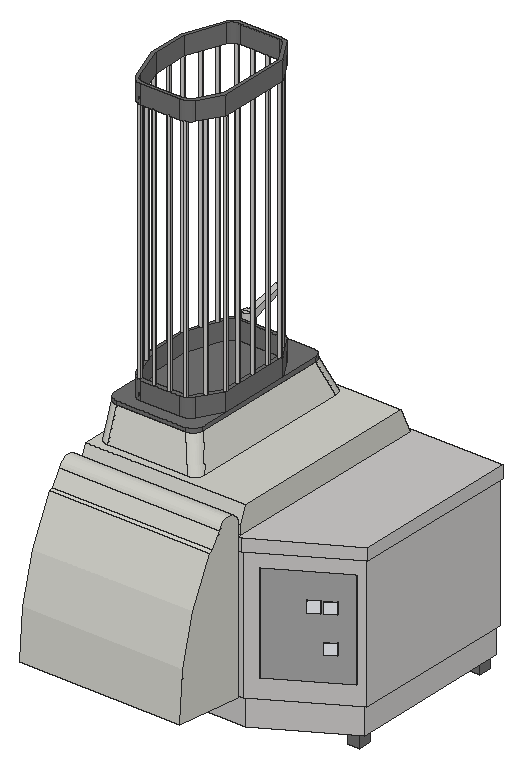
Revit family "QF_DITOSAMA_601589_DCPXF215", category Specialty Equipment, Revit 2018
Family settings
  Round Connector Dimension = Use Diameter
  Part Type = Normal
  Work Plane-Based = No
  Always vertical = Yes
  Cut with Voids When Loaded = No
  Shared = No
  Room Calculation Point = No
Parameters (values of type "QF_DITO SAMA_601589_DCPXF215")
  Weight = 31.00 kg
  Watts = 0 W
  Volts = 220 V
  URL Manufacturer = "http://www.ditosama.com"
  URL = "http://www.ditosama.com"
  Steam Supply Size = 0 mm
  Steam Supply Minimum Pressure = 0.0 Pa
  Steam Supply Maximum Pressure = 0.0 Pa
  Steam Pounds per Hour = 0
  Refrigeration Suction Line Size = 0 mm
  Refrigeration Liquid Line Size = 0 mm
  Refrigerant Compressor Remote = yes
  Manufacturer = "Dito Sama"
  Phase = 1
  Model = "DCPXF215"
  Length Actual = 472 mm  # constant formula
  Item Number = "601589"
  Hot Water Size = 0 mm
  Height Actual = 857 mm  # constant formula
  HP = "0.5 HP"
  Gas Size = 0 mm
  Gas KW = 0
  Gas Input Pressure = 0 W
  Direct Waste Size = 0 mm
  Description = "S/S EL.BREAD SLICER-FLAT PANEL-230/1/50"
  Depth Actual = 418 mm  # constant formula
  Cycle = 50 Hz
  Condensate Return Size = 0 mm
  Compressed Air Volume = 0.0 L/s
  Compressed Air Size = 0 mm
  Compressed Air Pressure = 0.0 Pa
  Cold Water Size = 0 mm
  Accessory = yes
Reference planes
  plane 1 "Center (Front/Back)": y = 0
  plane 2: z = 0
  plane 3 "Center (Left/Right)": x = 0
  plane 4 "BASE": z = 20
  plane 5 "TOP": z = 857
  plane 6 "FRONT": y = -236
  plane 7 "BACK": y = 236
  plane 8 "LEFT": x = -209
  plane 9 "RIGHT": x = 209
  plane 10 "AXE1": y = 163.266
  plane 11 "PANEL": through (67.669, -112.828, 4000) normal (-0.5, 0.866, 0)
Forms (mm)
  Extrusion 1, solid, material "QF_Finishes_Rubber Black"
    sketch origin (0, 0, 0) x (1, 0, 0) y (0, 1, 0)
      loop
        line (-197.5, 231) -> (-197.5, 211) -> (-177.5, 211) -> (-177.5, 231) -> (-197.5, 231)
      loop
        line (172.5, 231) -> (172.5, 211) -> (192.5, 211) -> (192.5, 231) -> (172.5, 231)
      loop
        line (-197.5, -13.192) -> (-197.5, -33.192) -> (-177.5, -33.192) -> (-177.5, -13.192) -> (-197.5, -13.192)
      loop
        line (172.5, -13.192) -> (172.5, -33.192) -> (192.5, -33.192) -> (192.5, -13.192) -> (172.5, -13.192)
    from 0 to 20
  Extrusion 2, solid, material "QF_Finishes_Stainless Steel"
    sketch origin (0, 0, 20) x (-1, 0, 0) y (0, -1, 0)
      loop
        line (-209, 37.005) -> (-209, -236) -> (209, -236) -> (209, 117.828) -> (-69.009, 117.828) -> (-209, 37.005)
    from 260 to 280
  Extrusion 3, solid, material "QF_Finishes_Stainless Steel"
    sketch origin (0, 0, 20) x (-1, 0, 0) y (0, -1, 0)
      loop
        line (-204, 34.118) -> (-204, -236) -> (204, -236) -> (204, 112.828) -> (-67.669, 112.828) -> (-204, 34.118)
    from 260 to 45
  Extrusion 4, solid, material "QF_Finishes_Stainless Steel"
    sketch origin (0, 0, 20) x (-1, 0, 0) y (0, -1, 0)
      loop
        line (-199, 31.231) -> (-199, -236) -> (199, -236) -> (199, 107.828) -> (-66.33, 107.828) -> (-199, 31.231)
    from 0 to 45
  Extrusion 5, solid, material "QF_Finishes_Beige"
    sketch origin (0, 0, 0) x (0, 1, 0) y (0, 0, 1)
      loop
        arc (-175.362, 300) -> (-222.074, 193.469) -> (-236.13, 78) r 399.649
        line (-236.13, 78) -> (-118.828, 64.929) -> (-118.828, 300) -> (-118.828, 325)
        arc (-118.828, 325) -> (-137.247, 337.622) -> (-155.667, 325) r 19.75
        line (-155.667, 325) -> (-169.613, 302.68) -> (-175.362, 300)
      loop
        line (231, 300) -> (213.628, 339.019) -> (-102.638, 339.019) -> (-111.997, 313.943) -> (-111.997, 300) -> (231, 300)
    from -197.5 to 62.332
  Blend 6, solid, material "QF_Finishes_Beige"
    base sketch origin (0, 0, 20) x (-1, 0, 0) y (0, -1, 0)
      loop
        arc (172.911, -207.788) -> (183.517, -203.394) -> (187.911, -192.788) r 15
        line (187.911, -192.788) -> (187.911, 74.23)
        arc (187.911, 74.23) -> (183.517, 84.836) -> (172.911, 89.23) r 15
        line (172.911, 89.23) -> (42.129, 89.23)
        arc (42.129, 89.23) -> (31.523, 84.836) -> (27.129, 74.23) r 15
        line (27.129, 74.23) -> (27.129, -192.788)
        arc (27.129, -192.788) -> (31.523, -203.394) -> (42.129, -207.788) r 15
        line (42.129, -207.788) -> (172.911, -207.788)
    top sketch origin (0, 0, 20) x (-1, 0, 0) y (0, -1, 0)
      loop
        line (60.638, -189.279) -> (172.911, -189.279)
        arc (172.911, -189.279) -> (183.517, -184.886) -> (187.911, -174.279) r 15
        line (187.911, -174.279) -> (187.911, 55.721)
        arc (187.911, 55.721) -> (183.517, 66.328) -> (172.911, 70.721) r 15
        line (172.911, 70.721) -> (60.638, 70.721)
        arc (60.638, 70.721) -> (50.031, 66.328) -> (45.638, 55.721) r 15
        line (45.638, 55.721) -> (45.638, -174.279)
        arc (45.638, -174.279) -> (50.031, -184.886) -> (60.638, -189.279) r 15
    from 319.019 to 368.956
  Extrusion 7, solid, material "QF_Finishes_Rubber Black"
    sketch origin (0, 0, 20) x (-1, 0, 0) y (0, -1, 0)
      loop
        arc (45.638, -174.279) -> (50.031, -184.886) -> (60.638, -189.279) r 15
        line (60.638, -189.279) -> (172.911, -189.279)
        arc (172.911, -189.279) -> (183.517, -184.886) -> (187.911, -174.279) r 15
        line (187.911, -174.279) -> (187.911, 55.721)
        arc (187.911, 55.721) -> (183.517, 66.328) -> (172.911, 70.721) r 15
        line (172.911, 70.721) -> (60.638, 70.721)
        arc (60.638, 70.721) -> (50.031, 66.328) -> (45.638, 55.721) r 15
        line (45.638, 55.721) -> (45.638, -174.279)
    from 368.956 to 375
  Extrusion 8, solid, material "QF_Finishes_Rubber Black"
    sketch origin (0, 0, 20) x (-1, 0, 0) y (0, -1, 0)
      loop
        line (187.911, -20) -> (166.282, 39.425)
        arc (166.282, 39.425) -> (158.959, 48.968) -> (147.488, 52.584) r 20
        line (147.488, 52.584) -> (83.992, 52.584)
        arc (83.992, 52.584) -> (74.144, 49.992) -> (66.849, 42.885) r 20
        line (66.849, 42.885) -> (45.638, 7.584) -> (45.638, -107.584) -> (66.849, -142.885)
        arc (66.849, -142.885) -> (74.144, -149.992) -> (83.992, -152.584) r 20
        line (83.992, -152.584) -> (147.488, -152.584)
        arc (147.488, -152.584) -> (158.959, -148.968) -> (166.282, -139.425) r 20
        line (166.282, -139.425) -> (187.911, -80) -> (187.911, -20)
      loop
        line (182.911, -79.118) -> (182.911, -20.882) -> (161.583, 37.715)
        arc (161.583, 37.715) -> (156.092, 44.872) -> (147.488, 47.584) r 15
        line (147.488, 47.584) -> (83.992, 47.584)
        arc (83.992, 47.584) -> (76.606, 45.64) -> (71.135, 40.31) r 15
        line (71.135, 40.31) -> (50.638, 6.198) -> (50.638, -106.198) -> (71.135, -140.31)
        arc (71.135, -140.31) -> (76.606, -145.64) -> (83.992, -147.584) r 15
        line (83.992, -147.584) -> (147.488, -147.584)
        arc (147.488, -147.584) -> (156.092, -144.872) -> (161.583, -137.715) r 15
        line (161.583, -137.715) -> (182.911, -79.118)
    from 375 to 405
  Extrusion 9, solid, material "QF_Finishes_Rubber Black"
    sketch origin (0, 0, 20) x (-1, 0, 0) y (0, -1, 0)
      loop
        line (187.911, -20) -> (166.282, 39.425)
        arc (166.282, 39.425) -> (158.959, 48.968) -> (147.488, 52.584) r 20
        line (147.488, 52.584) -> (83.992, 52.584)
        arc (83.992, 52.584) -> (74.144, 49.992) -> (66.849, 42.885) r 20
        line (66.849, 42.885) -> (45.638, 7.584) -> (45.638, -107.584) -> (66.849, -142.885)
        arc (66.849, -142.885) -> (74.144, -149.992) -> (83.992, -152.584) r 20
        line (83.992, -152.584) -> (147.488, -152.584)
        arc (147.488, -152.584) -> (158.959, -148.968) -> (166.282, -139.425) r 20
        line (166.282, -139.425) -> (187.911, -80) -> (187.911, -20)
      loop
        line (182.911, -79.118) -> (182.911, -20.882) -> (161.583, 37.715)
        arc (161.583, 37.715) -> (156.092, 44.872) -> (147.488, 47.584) r 15
        line (147.488, 47.584) -> (83.992, 47.584)
        arc (83.992, 47.584) -> (76.606, 45.64) -> (71.135, 40.31) r 15
        line (71.135, 40.31) -> (50.638, 6.198) -> (50.638, -106.198) -> (71.135, -140.31)
        arc (71.135, -140.31) -> (76.606, -145.64) -> (83.992, -147.584) r 15
        line (83.992, -147.584) -> (147.488, -147.584)
        arc (147.488, -147.584) -> (156.092, -144.872) -> (161.583, -137.715) r 15
        line (161.583, -137.715) -> (182.911, -79.118)
    from 807 to 837
  Extrusion 10, solid, material "QF_Finishes_Stainless Steel"
    sketch origin (0, 0, 20) x (-1, 0, 0) y (0, -1, 0)
      loop
        circle (128.24, 50.084) r 2.5
      loop
        circle (103.24, 50.084) r 2.5
      loop
        circle (153.24, 49.119) r 2.5
      loop
        circle (167.576, 28.56) r 2.5
      loop
        circle (176.17, 4.948) r 2.5
      loop
        circle (185.411, -20.441) r 2.5
      loop
        circle (185.411, -50) r 2.5
      loop
        circle (128.24, -150.084) r 2.5
      loop
        circle (103.24, -150.084) r 2.5
      loop
        circle (153.24, -149.119) r 2.5
      loop
        circle (167.576, -128.56) r 2.5
      loop
        circle (176.17, -104.948) r 2.5
      loop
        circle (185.411, -79.559) r 2.5
      loop
        circle (78.24, 49.119) r 2.5
      loop
        circle (61.158, 28.56) r 2.5
      loop
        circle (48.138, 4.948) r 2.5
      loop
        circle (48.138, -20.441) r 2.5
      loop
        circle (48.138, -50) r 2.5
      loop
        circle (78.24, -149.119) r 2.5
      loop
        circle (63.904, -128.56) r 2.5
      loop
        circle (48.138, -79.559) r 2.5
      loop
        circle (48.138, -104.948) r 2.5
    from 405 to 807
  Revolve 11, solid, material "QF_Finishes_Stainless Steel"
    sketch origin (0, 163.266, 0) x (0, 0, 1) y (-1, 0, 0)
      loop
        line (394.097, 140.612) -> (406.308, 140.612) -> (406.308, 136.396) -> (419.625, 136.396) -> (419.625, 139.824) -> (431.082, 139.824) -> (431.082, 147.363) -> (394.097, 147.363) -> (394.097, 140.612)
      axis (394.097, 147.363) -> (431.082, 147.363)
    angle from 0 to 360
  Extrusion 12, solid, material "QF_Finishes_Stainless Steel"
    sketch origin (-147.469, 310.735, 0) x (0, 0, 1) y (0, -1, 0)
      loop
        line (416.502, 139.891) -> (435.857, 83.427) -> (442.427, 83.427) -> (427.85, 141.892) -> (416.502, 139.891)
    from -5 to 5
  Extrusion 13, solid, material "QF_Finishes_Stainless Steel"
    sketch origin (0, 0, 0) x (0, 1, 0) y (0, 0, 1)
      loop
        line (159.675, 361.997) -> (178.912, 355.374) -> (191.155, 371.622) -> (179.486, 388.287) -> (160.03, 382.339) -> (159.675, 361.997)
    from -206.367 to -194.326
  Extrusion 14, solid, material "QF_Finishes_Stainless Steel"
    sketch origin (0, 0, 0) x (0, 1, 0) y (0, 0, 1)
      loop
        circle (173.748, 371.622) r 10
    from -187.911 to -194.326
  Extrusion 15, solid, material "QF_Finishes_Stainless Steel"
    sketch origin (0, 236, 0) x (-1, 0, 0) y (0, 0, 1)
      loop
        circle (-108.903, 109.145) r 5
    from 0 to 3.968
  Extrusion 16, void
    sketch origin (65.773, -113.923, 0) x (-0.866025, -0.5, 0) y (0, 0, 1)
      loop
        line (-22.15, 255.818) -> (-147.15, 255.818) -> (-147.15, 95.818) -> (-22.15, 95.818) -> (-22.15, 255.818)
    from 23.872 to -9.596
  Extrusion 17, solid, material "QF_Finishes_Gray"
    sketch origin (65.773, -113.923, 0) x (-0.866025, -0.5, 0) y (0, 0, 1)
      loop
        line (-22.15, 255.818) -> (-147.15, 255.818) -> (-147.15, 95.818) -> (-22.15, 95.818) -> (-22.15, 255.818)
    from 5 to 0
  Extrusion 18, solid, material "QF_Finishes_White"
    sketch origin (65.773, -113.923, 0) x (-0.866025, -0.5, 0) y (0, 0, 1)
      loop
        line (-82.874, 214.795) -> (-100.874, 214.795) -> (-100.874, 196.844) -> (-82.874, 196.844) -> (-82.874, 214.795)
      loop
        line (-104.938, 214.795) -> (-122.938, 214.795) -> (-122.938, 196.844) -> (-104.938, 196.844) -> (-104.938, 214.795)
      loop
        line (-104.938, 154.795) -> (-122.938, 154.795) -> (-122.938, 136.844) -> (-104.938, 136.844) -> (-104.938, 154.795)
    from -2 to 0
Cuts and joins
  Extrusion 16 cuts Extrusion 3
Lines and regions (mm)
  symbolic lines
    curve 1: line (209, 236, 20) -> (-209, 236, 20)
    curve 2: line (-209, 236, 20) -> (-209, -117.828, 20)
    curve 3: line (-197.5, 231, 20) -> (62.332, 231, 20)
    curve 4: line (62.332, 213.628, 20) -> (-142.469, 213.628, 20)
    curve 5: line (-172.911, 207.788, 20) -> (-152.911, 207.788, 20)
    curve 6: line (-60.638, 189.279, 20) -> (-142.911, 189.279, 20)
    curve 7: arc (-172.911, 189.279, 20) -> (-183.517, 184.886, 20) -> (-187.911, 174.279, 20) r 15
    curve 8: arc (-187.911, 192.788, 20) -> (-183.517, 203.394, 20) -> (-172.911, 207.788, 20) r 15
    curve 9: line (-187.911, 174.279, 20) -> (-187.911, -55.721, 20)
    curve 10: line (-187.911, 192.788, 20) -> (-187.911, -55.721, 20)
    curve 11: line (-152.911, 189.279, 20) -> (-172.911, 189.279, 20)
    curve 12: line (-142.911, 207.788, 20) -> (-42.129, 207.788, 20)
    curve 13: arc (-152.469, 172.972, 20) -> (-147.245, 152.3, 20) -> (-142.469, 173.08, 20) r 10.967
    curve 14: arc (-154.903, 163.266, 20) -> (-147.363, 155.727, 20) -> (-139.824, 163.266, 20) r 7.54
    curve 15: arc (-139.824, 163.266, 20) -> (-147.363, 170.806, 20) -> (-154.903, 163.266, 20) r 7.54
    curve 16: arc (-45.638, 174.279, 20) -> (-50.031, 184.886, 20) -> (-60.638, 189.279, 20) r 15
    curve 17: arc (-42.129, 207.788, 20) -> (-31.523, 203.394, 20) -> (-27.129, 192.788, 20) r 15
    curve 18: line (-27.129, 192.788, 20) -> (-27.129, -74.23, 20)
    curve 19: line (-45.638, -55.721, 20) -> (-45.638, 174.279, 20)
    curve 20: line (-45.638, 107.584, 20) -> (-66.849, 142.885, 20)
    curve 21: arc (-66.849, 142.885, 20) -> (-74.144, 149.992, 20) -> (-83.992, 152.584, 20) r 20
    curve 22: line (-83.992, 152.584, 20) -> (-147.488, 152.584, 20)
    curve 23: arc (-147.488, 152.584, 20) -> (-158.959, 148.968, 20) -> (-166.282, 139.425, 20) r 20
    curve 24: arc (-161.583, 137.715, 20) -> (-156.092, 144.872, 20) -> (-147.488, 147.584, 20) r 15
    curve 25: line (-147.488, 147.584, 20) -> (-83.992, 147.584, 20)
    curve 26: arc (-83.992, 147.584, 20) -> (-76.606, 145.64, 20) -> (-71.135, 140.31, 20) r 15
    curve 27: line (-71.135, 140.31, 20) -> (-50.638, 106.198, 20)
    curve 28: line (-182.911, 79.118, 20) -> (-161.583, 137.715, 20)
    curve 29: line (-166.282, 139.425, 20) -> (-187.911, 80, 20)
    curve 30: line (-182.911, 20.882, 20) -> (-182.911, 79.118, 20)
    curve 31: line (-187.911, 20, 20) -> (-166.282, -39.425, 20)
    curve 32: line (-161.583, -37.715, 20) -> (-182.911, 20.882, 20)
    curve 33: arc (-166.282, -39.425, 20) -> (-158.959, -48.968, 20) -> (-147.488, -52.584, 20) r 20
    curve 34: arc (-147.488, -47.584, 20) -> (-156.092, -44.872, 20) -> (-161.583, -37.715, 20) r 15
    curve 35: line (-83.992, -47.584, 20) -> (-147.488, -47.584, 20)
    curve 36: line (-147.488, -52.584, 20) -> (-83.992, -52.584, 20)
    curve 37: arc (-83.992, -52.584, 20) -> (-74.144, -49.992, 20) -> (-66.849, -42.885, 20) r 20
    curve 38: line (-66.849, -42.885, 20) -> (-45.638, -7.584, 20)
    curve 39: arc (-71.135, -40.31, 20) -> (-76.606, -45.64, 20) -> (-83.992, -47.584, 20) r 15
    curve 40: line (-50.638, -6.198, 20) -> (-71.135, -40.31, 20)
    curve 41: line (-50.638, 106.198, 20) -> (-50.638, -6.198, 20)
    curve 42: arc (-187.911, -55.721, 20) -> (-183.517, -66.328, 20) -> (-172.911, -70.721, 20) r 15
    curve 43: line (-172.911, -70.721, 20) -> (-60.638, -70.721, 20)
    curve 44: arc (-60.638, -70.721, 20) -> (-50.031, -66.328, 20) -> (-45.638, -55.721, 20) r 15
    curve 45: arc (-27.129, -74.23, 20) -> (-31.523, -84.836, 20) -> (-42.129, -89.23, 20) r 15
    curve 46: line (-42.129, -89.23, 20) -> (-172.911, -89.23, 20)
    curve 47: line (-197.5, 231, 20) -> (-197.5, -236, 20)
    curve 48: line (-197.5, -102.638, 20) -> (62.332, -102.638, 20)
    curve 49: line (-197.5, -111.997, 20) -> (62.332, -111.997, 20)
    curve 50: line (-197.5, -155.667, 20) -> (62.332, -155.667, 20)
    curve 51: line (-197.5, -169.613, 20) -> (62.332, -169.613, 20)
    curve 52: line (-197.5, -175.362, 20) -> (62.332, -175.362, 20)
    curve 53: line (62.332, -236, 20) -> (-197.5, -236, 20)
    curve 54: line (62.332, -236, 20) -> (62.332, 231, 20)
    curve 55: line (-209, -117.828, 20) -> (69.009, -117.828, 20)
    curve 56: line (69.009, -117.828, 20) -> (209, -37.005, 20)
    curve 57: line (209, -37.005, 20) -> (209, 236, 20)
    curve 58: line (-194.326, 159.675, 20) -> (-194.326, 191.155, 20)
    curve 59: line (-206.367, 191.155, 20) -> (-206.367, 159.675, 20)
    curve 60: line (-206.367, 179.486, 20) -> (-194.326, 179.486, 20)
    curve 61: line (-206.367, 159.675, 20) -> (-194.326, 159.675, 20)
    curve 62: line (-206.367, 191.155, 20) -> (-194.326, 191.155, 20)
    curve 63: line (-194.326, 183.764, 20) -> (-187.911, 183.764, 20)
    curve 64: line (-194.326, 163.749, 20) -> (-187.911, 163.749, 20)
    curve 65: line (103.892, 236, 20) -> (103.892, 239.968, 20)
    curve 66: line (103.892, 239.968, 20) -> (113.903, 239.968, 20)
    curve 67: line (113.903, 239.968, 20) -> (113.903, 236, 20)
    curve 68: line (-152.469, 227.308, 20) -> (-152.469, 168.815, 20)
    curve 69: line (-142.469, 169.001, 20) -> (-142.469, 227.308, 20)
    curve 70: line (-142.469, 227.308, 20) -> (-152.469, 227.308, 20)
    curve 71: line (-152.469, 213.628, 20) -> (-197.5, 213.628, 20)
Dimensions and locks
  plane 4 "BASE" to level = 20 mm
  plane 5 "TOP" to level = 857 mm  (x2)
  equal spacing: plane 8 "LEFT", plane 3 "Center (Left/Right)", plane 9 "RIGHT"
  plane 7 "BACK" to plane 1 "Center (Front/Back)" to plane 6 "FRONT" = 236 mm locked, 236 mm
  plane 7 "BACK" to plane 6 "FRONT" = 472 mm
  plane 8 "LEFT" to plane 9 "RIGHT" = 418 mm
  Extrusion 5 to level = 78 mm
  Extrusion 15 to level = 109.145 mm
  aligned and locked: level to plane 2
Automatic sketch dimensions
  Extrusion 1 sketch curve to plane 7 "BACK" = 5 mm  (x2)
  plane 8 "LEFT" to Extrusion 1 sketch curve = 11.5 mm  (x2)
  Extrusion 1 sketch curve to Extrusion 1 sketch curve = 20 mm  (x6)
  plane 9 "RIGHT" to Extrusion 1 sketch curve = 36.5 mm  (x2)
  plane 9 "RIGHT" to Extrusion 1 sketch curve = 16.5 mm  (x2)
  plane 1 "Center (Front/Back)" to Extrusion 1 sketch curve = 13.192 mm  (x2)
  Extrusion 2 sketch curve to plane 9 "RIGHT" = 0 mm
  Extrusion 2 sketch curve to plane 8 "LEFT" = 0 mm
  Extrusion 2 sketch curve to plane 7 "BACK" = 0 mm
  plane 3 "Center (Left/Right)" to Extrusion 2 sketch curve = 69.009 mm
  plane 1 "Center (Front/Back)" to Extrusion 2 sketch curve = 37.005 mm
  plane 1 "Center (Front/Back)" to Extrusion 2 sketch curve = 117.828 mm
  Extrusion 3 sketch curve to plane 11 "PANEL" = 0 mm  (x2)
  Extrusion 3 sketch curve to plane 7 "BACK" = 0 mm
  plane 9 "RIGHT" to Extrusion 3 sketch curve = 5 mm
  plane 3 "Center (Left/Right)" to Extrusion 3 sketch curve = 67.669 mm
  plane 8 "LEFT" to Extrusion 3 sketch curve = 5 mm
  Extrusion 4 sketch curve to plane 7 "BACK" = 0 mm
  plane 9 "RIGHT" to Extrusion 4 sketch curve = 10 mm
  plane 3 "Center (Left/Right)" to Extrusion 4 sketch curve = 66.33 mm
  plane 8 "LEFT" to Extrusion 4 sketch curve = 10 mm
  plane 1 "Center (Front/Back)" to Extrusion 4 sketch curve = 31.231 mm
  plane 1 "Center (Front/Back)" to Extrusion 4 sketch curve = 107.828 mm
  Extrusion 5 sketch curve to plane 6 "FRONT" = 0.13 mm
  plane 6 "FRONT" to Extrusion 5 sketch curve = 60.638 mm
  Extrusion 5 sketch curve to Extrusion 5 sketch curve = 5.748 mm
  Extrusion 5 sketch curve to Extrusion 5 sketch curve = 13.947 mm
  Extrusion 5 sketch curve to Extrusion 5 sketch curve = 18.419 mm  (x2)
  Extrusion 5 sketch curve to Extrusion 5 sketch curve = 6.831 mm
  Extrusion 5 sketch curve to Extrusion 5 sketch curve = 16.19 mm
  Extrusion 5 sketch curve to plane 10 "AXE1" = 0.128 mm
  Extrusion 5 sketch curve to plane 7 "BACK" = 22.372 mm
  Extrusion 5 sketch curve to plane 7 "BACK" = 5 mm
  plane 4 "BASE" to Extrusion 5 sketch curve = 44.929 mm
  plane 4 "BASE" to Extrusion 5 sketch curve = 58 mm
  plane 4 "BASE" to Extrusion 5 sketch curve = 67.954 mm
  Extrusion 5 sketch curve to Extrusion 5 sketch curve = 0 mm  (x2)
  Extrusion 5 sketch curve to Extrusion 5 sketch curve = 2.68 mm
  Extrusion 5 sketch curve to Extrusion 5 sketch curve = 13.943 mm
  Extrusion 5 sketch curve to Extrusion 5 sketch curve = 3.928 mm
  Extrusion 5 sketch curve to Extrusion 5 sketch curve = 7.128 mm
  Extrusion 5 sketch curve to Extrusion 5 sketch curve = 14.019 mm
  Blend 6 sketch curve to plane 3 "Center (Left/Right)" = 27.129 mm
  Blend 6 sketch curve to Blend 6 sketch curve = 15 mm  (x6)
  plane 8 "LEFT" to Blend 6 sketch curve = 36.089 mm  (x4)
  Blend 6 sketch curve to plane 7 "BACK" = 28.212 mm
  plane 1 "Center (Front/Back)" to Blend 6 sketch curve = 74.23 mm
  Blend 6 sketch curve to plane 3 "Center (Left/Right)" = 45.638 mm
  Blend 6 sketch curve to plane 10 "AXE1" = 11.013 mm
  plane 1 "Center (Front/Back)" to Blend 6 sketch curve = 55.721 mm
  Extrusion 7 sketch curve to plane 3 "Center (Left/Right)" = 45.638 mm
  Extrusion 7 sketch curve to Extrusion 7 sketch curve = 15 mm  (x3)
  plane 8 "LEFT" to Extrusion 7 sketch curve = 36.089 mm  (x2)
  Extrusion 7 sketch curve to plane 10 "AXE1" = 11.013 mm
  plane 1 "Center (Front/Back)" to Extrusion 7 sketch curve = 55.721 mm
  Extrusion 8 sketch curve to Extrusion 8 sketch curve = 0 mm  (x8)
  plane 1 "Center (Front/Back)" to Extrusion 8 sketch curve = 7.584 mm
  Extrusion 8 sketch curve to plane 3 "Center (Left/Right)" = 45.638 mm
  Extrusion 8 sketch curve to Extrusion 8 sketch curve = 5 mm  (x2)
  plane 10 "AXE1" to Extrusion 8 sketch curve = 20.381 mm
  Extrusion 8 sketch curve to Extrusion 8 sketch curve = 16.211 mm  (x2)
  Extrusion 8 sketch curve to Extrusion 8 sketch curve = 4.286 mm  (x2)
  Extrusion 8 sketch curve to Extrusion 8 sketch curve = 12.858 mm  (x2)
  plane 10 "AXE1" to Extrusion 8 sketch curve = 15.682 mm
  plane 8 "LEFT" to Extrusion 8 sketch curve = 61.512 mm  (x2)
  plane 1 "Center (Front/Back)" to Extrusion 8 sketch curve = 32.584 mm  (x2)
  plane 10 "AXE1" to Extrusion 8 sketch curve = 25.552 mm
  Extrusion 8 sketch curve to Extrusion 8 sketch curve = 14.095 mm  (x2)
  Extrusion 8 sketch curve to Extrusion 8 sketch curve = 4.698 mm  (x2)
  plane 10 "AXE1" to Extrusion 8 sketch curve = 23.841 mm
  plane 8 "LEFT" to Extrusion 8 sketch curve = 26.089 mm
  Extrusion 8 sketch curve to Extrusion 8 sketch curve = 35.301 mm
  Extrusion 8 sketch curve to Extrusion 8 sketch curve = 1.387 mm  (x2)
  Extrusion 8 sketch curve to Extrusion 8 sketch curve = 59.425 mm
  Extrusion 8 sketch curve to Extrusion 8 sketch curve = 0.882 mm  (x2)
  Extrusion 8 sketch curve to plane 1 "Center (Front/Back)" = 20.882 mm
  Extrusion 8 sketch curve to Extrusion 8 sketch curve = 5.13 mm
  Extrusion 8 sketch curve to Extrusion 8 sketch curve = 1.71 mm
  Extrusion 9 sketch curve to Extrusion 9 sketch curve = 0 mm  (x8)
  plane 1 "Center (Front/Back)" to Extrusion 9 sketch curve = 7.584 mm
  Extrusion 9 sketch curve to plane 3 "Center (Left/Right)" = 45.638 mm
  Extrusion 9 sketch curve to Extrusion 9 sketch curve = 5 mm  (x2)
  plane 10 "AXE1" to Extrusion 9 sketch curve = 20.381 mm
  Extrusion 9 sketch curve to Extrusion 9 sketch curve = 16.211 mm  (x2)
  Extrusion 9 sketch curve to Extrusion 9 sketch curve = 4.286 mm  (x2)
  Extrusion 9 sketch curve to Extrusion 9 sketch curve = 12.858 mm  (x2)
  plane 10 "AXE1" to Extrusion 9 sketch curve = 15.682 mm
  plane 8 "LEFT" to Extrusion 9 sketch curve = 61.512 mm  (x2)
  plane 1 "Center (Front/Back)" to Extrusion 9 sketch curve = 32.584 mm  (x2)
  plane 10 "AXE1" to Extrusion 9 sketch curve = 25.552 mm
  Extrusion 9 sketch curve to Extrusion 9 sketch curve = 14.095 mm  (x2)
  Extrusion 9 sketch curve to Extrusion 9 sketch curve = 4.698 mm  (x2)
  plane 10 "AXE1" to Extrusion 9 sketch curve = 23.841 mm
  plane 8 "LEFT" to Extrusion 9 sketch curve = 26.089 mm
  Extrusion 9 sketch curve to Extrusion 9 sketch curve = 35.301 mm
  Extrusion 9 sketch curve to Extrusion 9 sketch curve = 1.387 mm  (x2)
  Extrusion 9 sketch curve to Extrusion 9 sketch curve = 59.425 mm
  Extrusion 9 sketch curve to Extrusion 9 sketch curve = 0.882 mm  (x2)
  Extrusion 9 sketch curve to plane 1 "Center (Front/Back)" = 20.882 mm
  Extrusion 9 sketch curve to Extrusion 9 sketch curve = 5.13 mm
  Extrusion 9 sketch curve to Extrusion 9 sketch curve = 1.71 mm
  Extrusion 10 sketch curve to plane 3 "Center (Left/Right)" = 48.138 mm  (x2)
  plane 1 "Center (Front/Back)" to Extrusion 10 sketch curve = 4.948 mm  (x2)
  Extrusion 10 sketch curve to Extrusion 10 sketch curve = 0 mm  (x4)
  Extrusion 10 sketch curve to Extrusion 10 sketch curve = 13.02 mm
  Extrusion 10 sketch curve to Extrusion 10 sketch curve = 15.766 mm
  Extrusion 10 sketch curve to Extrusion 10 sketch curve = 17.082 mm
  Extrusion 10 sketch curve to Extrusion 10 sketch curve = 14.336 mm  (x3)
  Extrusion 10 sketch curve to Extrusion 10 sketch curve = 25 mm  (x6)
  Extrusion 10 sketch curve to Extrusion 10 sketch curve = 8.594 mm  (x2)
  plane 8 "LEFT" to Extrusion 10 sketch curve = 23.589 mm  (x3)
  Extrusion 10 sketch curve to plane 1 "Center (Front/Back)" = 20.441 mm  (x2)
  Extrusion 10 sketch curve to Extrusion 10 sketch curve = 29.559 mm  (x4)
  Extrusion 10 sketch curve to Extrusion 10 sketch curve = 25.389 mm  (x2)
  Extrusion 10 sketch curve to Extrusion 10 sketch curve = 23.611 mm  (x4)
  plane 10 "AXE1" to Extrusion 10 sketch curve = 14.148 mm  (x2)
  plane 10 "AXE1" to Extrusion 10 sketch curve = 13.182 mm  (x2)
  Extrusion 10 sketch curve to Extrusion 10 sketch curve = 20.559 mm  (x2)
  Extrusion 10 sketch curve to Extrusion 10 sketch curve = 0.966 mm
  plane 8 "LEFT" to Revolve 11 sketch curve = 61.637 mm
  plane 4 "BASE" to Revolve 11 sketch curve = 374.097 mm
  Revolve 11 sketch curve to Revolve 11 sketch curve = 12.211 mm
  Revolve 11 sketch curve to Revolve 11 sketch curve = 13.317 mm
  Revolve 11 sketch curve to Revolve 11 sketch curve = 11.457 mm
  Revolve 11 sketch curve to Revolve 11 sketch curve = 6.751 mm  (x2)
  Revolve 11 sketch curve to Revolve 11 sketch curve = 7.54 mm
  Revolve 11 sketch curve to Revolve 11 sketch curve = 3.427 mm
  Revolve 11 sketch curve to Revolve 11 sketch curve = 6.281 mm
  Revolve 11 sketch curve to Revolve 11 sketch curve = 46.508 mm
  Extrusion 12 sketch curve to plane 10 "AXE1" = 7.577 mm
  plane 4 "BASE" to Extrusion 12 sketch curve = 396.502 mm
  Extrusion 12 sketch curve to plane 10 "AXE1" = 5.576 mm
  Extrusion 12 sketch curve to Extrusion 12 sketch curve = 11.348 mm
  Extrusion 12 sketch curve to plane 7 "BACK" = 8.692 mm
  Extrusion 12 sketch curve to Extrusion 12 sketch curve = 8.007 mm
  Extrusion 12 sketch curve to Extrusion 12 sketch curve = 6.57 mm
  Extrusion 14 sketch curve to plane 10 "AXE1" = 10.481 mm
  plane 4 "BASE" to Extrusion 14 sketch curve = 351.622 mm
  plane 9 "RIGHT" to Extrusion 15 sketch curve = 100.097 mm
  plane 4 "BASE" to Extrusion 15 sketch curve = 89.145 mm
  curve 13 to curve 14 = 0 mm  (x2)
  curve 13 to curve 15 = 0 mm  (x2)
  curve 14 to curve 15 = 0 mm  (x2)
  curve 21 to curve 26 = 0 mm  (x2)
  curve 23 to curve 24 = 0 mm  (x2)
  curve 33 to curve 34 = 0 mm  (x2)
  curve 37 to curve 39 = 0 mm  (x2)
  curve 56 to plane 9 "RIGHT" = 0 mm
  curve 67 to plane 7 "BACK" = 0 mm
  curve 53 to plane 6 "FRONT" = 0 mm
  plane 10 "AXE1" to curve 15 = 0 mm
  curve 2 to plane 8 "LEFT" = 0 mm
  plane 7 "BACK" to curve 67 = 3.968 mm
  plane 9 "RIGHT" to curve 67 = 95.097 mm
  curve 66 to curve 65 = 10.011 mm
  plane 3 "Center (Left/Right)" to curve 56 = 69.009 mm
  plane 3 "Center (Left/Right)" to curve 53 = 62.332 mm
  curve 18 to plane 3 "Center (Left/Right)" = 27.129 mm
  curve 18 to curve 12 = 15 mm
  curve 18 to curve 45 = 15 mm
  curve 17 to curve 19 = 3.509 mm
  curve 20 to curve 41 = 5 mm
  curve 44 to curve 44 = 15 mm
  curve 19 to curve 16 = 15 mm
  curve 44 to curve 38 = 6.211 mm
  plane 10 "AXE1" to curve 20 = 20.381 mm
  curve 16 to curve 20 = 6.211 mm
  plane 10 "AXE1" to curve 27 = 22.956 mm
  curve 20 to curve 27 = 4.286 mm
  curve 38 to curve 40 = 4.286 mm
  curve 40 to curve 37 = 12.858 mm
  curve 27 to curve 25 = 12.858 mm
  curve 70 to plane 7 "BACK" = 8.692 mm
  plane 8 "LEFT" to curve 70 = 66.531 mm
  curve 69 to curve 14 = 4.895 mm
  plane 1 "Center (Front/Back)" to curve 33 = 32.584 mm
  plane 8 "LEFT" to curve 33 = 61.512 mm
  curve 13 to curve 22 = 0.125 mm
  curve 69 to curve 68 = 10 mm
  plane 10 "AXE1" to curve 28 = 25.552 mm
  curve 23 to curve 28 = 14.095 mm
  curve 33 to curve 32 = 14.095 mm
  plane 10 "AXE1" to curve 29 = 23.841 mm
  curve 32 to curve 31 = 4.698 mm
  curve 71 to curve 5 = 20.442 mm
  curve 31 to curve 42 = 6.629 mm
  curve 11 to curve 8 = 0 mm
  plane 8 "LEFT" to curve 32 = 26.089 mm
  curve 9 to plane 10 "AXE1" = 11.013 mm
  curve 7 to curve 9 = 15 mm
  plane 10 "AXE1" to curve 58 = 3.591 mm
  curve 64 to curve 58 = 6.416 mm
  curve 3 to plane 7 "BACK" = 5 mm
  plane 8 "LEFT" to curve 3 = 11.5 mm
  plane 8 "LEFT" to curve 61 = 2.633 mm
  curve 5 to curve 7 = 18.509 mm
  curve 12 to plane 7 "BACK" = 28.212 mm
  curve 10 to curve 58 = 1.632 mm
  curve 17 to curve 6 = 3.509 mm
  plane 10 "AXE1" to curve 22 = 10.682 mm
  curve 27 to curve 27 = 34.112 mm
  curve 28 to curve 28 = 58.596 mm
  curve 32 to plane 1 "Center (Front/Back)" = 20.882 mm
  plane 1 "Center (Front/Back)" to curve 41 = 6.198 mm
  plane 1 "Center (Front/Back)" to curve 37 = 32.584 mm
  plane 1 "Center (Front/Back)" to curve 57 = 37.005 mm
  curve 33 to curve 32 = 5.13 mm
  curve 32 to curve 31 = 1.71 mm
  curve 31 to curve 9 = 16.296 mm
  curve 19 to curve 18 = 18.509 mm
  curve 45 to curve 56 = 43.599 mm
  curve 15 to curve 69 = 2.645 mm
  curve 4 to curve 12 = 0.442 mm
  curve 13 to curve 6 = 0.442 mm
  curve 6 to curve 11 = 10 mm
  curve 71 to curve 5 = 0.442 mm
  curve 46 to curve 43 = 0 mm
  curve 71 to curve 5 = 5.84 mm
  curve 3 to curve 4 = 17.372 mm
  curve 58 to curve 63 = 7.391 mm
  curve 59 to curve 60 = 11.669 mm
  curve 13 to curve 69 = 4.079 mm
  curve 64 to plane 10 "AXE1" = 0.483 mm
  curve 20 to curve 27 = 1.387 mm
  curve 29 to curve 28 = 0.882 mm
  curve 30 to curve 31 = 0.882 mm
  curve 40 to curve 38 = 1.387 mm
  curve 48 to curve 2 = 15.19 mm
  curve 48 to curve 49 = 9.359 mm
  curve 55 to curve 50 = 37.838 mm
  curve 50 to curve 51 = 13.947 mm
  curve 51 to curve 52 = 5.748 mm
  plane 4 "BASE" to Extrusion 16 sketch curve = 235.818 mm
  Extrusion 16 sketch curve to Extrusion 16 sketch curve = 125 mm
  plane 4 "BASE" to Extrusion 16 sketch curve = 75.818 mm
  plane 4 "BASE" to Extrusion 17 sketch curve = 235.818 mm
  Extrusion 17 sketch curve to Extrusion 17 sketch curve = 125 mm
  plane 4 "BASE" to Extrusion 17 sketch curve = 75.818 mm
  plane 4 "BASE" to Extrusion 18 sketch curve = 176.844 mm
  Extrusion 18 sketch curve to Extrusion 18 sketch curve = 0 mm  (x3)
  Extrusion 18 sketch curve to Extrusion 18 sketch curve = 18 mm  (x3)
  Extrusion 18 sketch curve to Extrusion 18 sketch curve = 4.065 mm
  Extrusion 18 sketch curve to Extrusion 18 sketch curve = 42.049 mm
  Extrusion 18 sketch curve to Extrusion 18 sketch curve = 17.951 mm  (x2)
  radius of Extrusion 10 sketch curve = 2.5 mm  (x22)
  radius of Extrusion 14 sketch curve = 10 mm
  radius of Extrusion 15 sketch curve = 5 mm
Connectors
  electrical at (108.903, 239.968, 109.145), driven by "Volts"
    settings: on Extrusion 15, index 1, voltage 220 V, apparent load 0 VA, apparent load phase1 0 VA, apparent load phase2 0 VA, apparent load phase3 0 VA, power factor 1, load classification "Other", number of poles 1, system type 30, power factor state 1, is connector primary yes, connector utility no, sub classification motor no, connector description "Electrical Connection"
